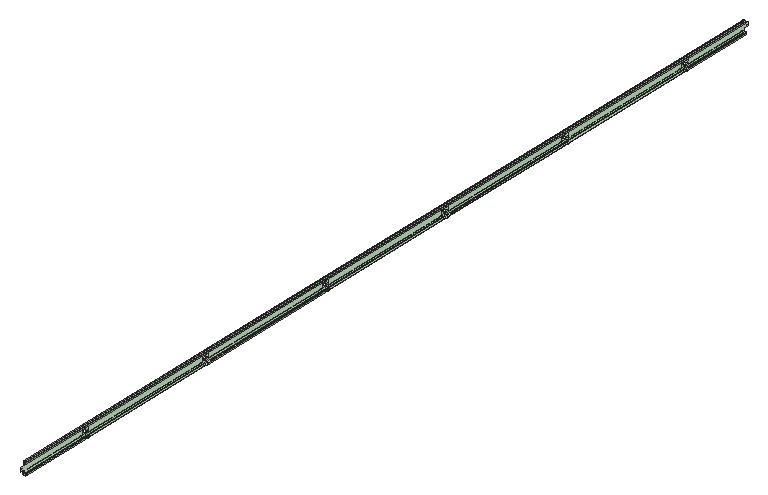
Revit family "eYバー4815メイン(600グリッド用)", category 機械設備, Revit 2020
Family settings
  丸型コネクタ寸法 = 直径を使用
  種別 = なし
  パーツ タイプ = 標準
  作業面ベース = いいえ
  常に垂直 = はい
  ロード時にボイドで切り取り = いいえ
  共有 = いいえ
  部屋計算ポイント = いいえ
Parameters
  製造元 = "株式会社桐井製作所"
  既定の高さ = 0 mm
  URL = "https://www.kirii.co.jp/"
  K_長さ(mm) = 3600 mm
  K_材質 = "溶融亜鉛めっき鋼板及び鋼帯SGCC 一般用　カラー鋼板"
  K_品名 = "eYバー4815メイン(600グリッド用)"
  K_名称 = "Yバー"
  K_入数 = "20"
  K_バージョン情報 = "20220411"
  K_めっき付着量 = "JIS G 3302 Z12、カラー鋼板　塗装膜厚20μ(白色)"
  K_JIS規格 = "JIS G 3302"
Reference planes
  plane 1 "中心(正面/背面)": y = 0
  plane 2: z = 0
  plane 3 "中心(左/右)": x = 0
  plane 4: y = 3600
Forms (mm)
  Extrusion 1, solid
    sketch origin (0, 0, 7.1) x (-1, 0, 0) y (0, 0, 1)
      loop
        arc (6.336, -7.1) -> (7.064, -6.785) -> (7.334, -6.038) r 1
        line (7.334, -6.038) -> (6.959, -0.038)
        arc (6.959, -0.038) -> (6.645, 0.629) -> (5.961, 0.9) r 1
        line (5.961, 0.9) -> (0.4, 0.9) -> (0.4, 31)
        arc (0.4, 31) -> (0.715, 31.465) -> (1.263, 31.343) r 0.5
        arc (1.263, 31.343) -> (1.627, 31.018) -> (2.1, 30.9) r 1.011
        arc (2.1, 30.9) -> (2.736, 31.164) -> (3, 31.8) r 0.9
        line (3, 31.8) -> (3, 39.9)
        arc (3, 39.9) -> (2.473, 40.781) -> (1.448, 40.734) r 1
        line (1.448, 40.734) -> (0, 39.782) -> (-1.448, 40.734)
        arc (-1.448, 40.734) -> (-2.473, 40.781) -> (-3, 39.9) r 1
        line (-3, 39.9) -> (-3, 31.8)
        arc (-3, 31.8) -> (-2.736, 31.164) -> (-2.1, 30.9) r 0.9
        arc (-2.1, 30.9) -> (-1.627, 31.018) -> (-1.263, 31.343) r 1.011
        arc (-1.263, 31.343) -> (-0.715, 31.465) -> (-0.4, 31) r 0.5
        line (-0.4, 31) -> (-0.4, 0.9) -> (-5.961, 0.9)
        arc (-5.961, 0.9) -> (-6.645, 0.629) -> (-6.959, -0.036) r 1
        line (-6.959, -0.036) -> (-7.334, -6.039)
        arc (-7.334, -6.039) -> (-7.064, -6.785) -> (-6.336, -7.1) r 1
        line (-6.336, -7.1) -> (-3.65, -7.1)
        arc (-3.65, -7.1) -> (-3.4, -6.85) -> (-3.65, -6.6) r 0.25
        line (-3.65, -6.6) -> (-6.336, -6.6)
        arc (-6.336, -6.6) -> (-6.7, -6.442) -> (-6.835, -6.069) r 0.5
        line (-6.835, -6.069) -> (-6.46, -0.069)
        arc (-6.46, -0.069) -> (-6.2, 0.339) -> (-5.718, 0.337) r 0.5
        arc (-5.718, 0.337) -> (-5.317, 0.087) -> (-4.852, 0) r 1.28
        line (-4.852, 0) -> (4.852, 0)
        arc (4.852, 0) -> (5.317, 0.087) -> (5.718, 0.337) r 1.28
        arc (5.718, 0.337) -> (6.2, 0.339) -> (6.46, -0.069) r 0.5
        line (6.46, -0.069) -> (6.835, -6.069)
        arc (6.835, -6.069) -> (6.7, -6.442) -> (6.336, -6.6) r 0.5
        line (6.336, -6.6) -> (3.65, -6.6)
        arc (3.65, -6.6) -> (3.4, -6.85) -> (3.65, -7.1) r 0.25
        line (3.65, -7.1) -> (6.336, -7.1)
      loop
        arc (-1.668, 40.4) -> (-2.283, 40.429) -> (-2.6, 39.9) r 0.6
        line (-2.6, 39.9) -> (-2.6, 31.8)
        arc (-2.6, 31.8) -> (-2.302, 31.342) -> (-1.763, 31.431) r 0.5
        line (-1.763, 31.431) -> (-1.063, 31.885)
        arc (-1.063, 31.885) -> (-0.324, 31.692) -> (0, 31) r 0.9
        arc (0, 31) -> (0.324, 31.692) -> (1.063, 31.885) r 0.9
        line (1.063, 31.885) -> (1.763, 31.431)
        arc (1.763, 31.431) -> (2.302, 31.342) -> (2.6, 31.8) r 0.5
        line (2.6, 31.8) -> (2.6, 39.9)
        arc (2.6, 39.9) -> (2.283, 40.429) -> (1.668, 40.4) r 0.6
        line (1.668, 40.4) -> (0.549, 39.664)
        arc (0.549, 39.664) -> (0, 39.5) -> (-0.549, 39.664) r 1
        line (-0.549, 39.664) -> (-1.668, 40.4)
    from 0 to 3600
  Extrusion 2, solid
    sketch origin (0.4, 0, 38.1) x (0, 0, -1) y (0, 1, 0)
      loop
        line (3.661, 0) -> (3.661, -19.4)
        arc (3.661, -19.4) -> (3.954, -20.107) -> (4.661, -20.4) r 1
        line (4.661, -20.4) -> (16.783, -20.4)
        arc (16.783, -20.4) -> (17.49, -20.107) -> (17.783, -19.4) r 1
        line (17.783, -19.4) -> (17.783, 0) -> (17.783, 21.201) -> (3.661, 21.201) -> (3.661, 0)
    from -0.8 to 0
  Extrusion 3, void
    sketch origin (0.4, 0, 38.1) x (0, 0, 1) y (0, 1, 0)
      loop
        line (-5.5, 284.4) -> (-5.5, 315.6) -> (-23.1, 315.6) -> (-23.1, 284.4) -> (-5.5, 284.4)
    from 0 to 0.8
  Extrusion 4, void
    sketch origin (0.4, 600, 38.1) x (0, 0, 1) y (0, 1, 0)
      loop
        line (-5.5, 284.4) -> (-5.5, 315.6) -> (-23.1, 315.6) -> (-23.1, 284.4) -> (-5.5, 284.4)
    from 0 to 0.8
  Extrusion 5, void
    sketch origin (0.4, 1200, 38.1) x (0, 0, 1) y (0, 1, 0)
      loop
        line (-5.5, 284.4) -> (-5.5, 315.6) -> (-23.1, 315.6) -> (-23.1, 284.4) -> (-5.5, 284.4)
    from 0 to 0.8
  Extrusion 6, void
    sketch origin (0.4, 1800, 38.1) x (0, 0, 1) y (0, 1, 0)
      loop
        line (-5.5, 284.4) -> (-5.5, 315.6) -> (-23.1, 315.6) -> (-23.1, 284.4) -> (-5.5, 284.4)
    from 0 to 0.8
  Extrusion 7, void
    sketch origin (0.4, 2400, 38.1) x (0, 0, 1) y (0, 1, 0)
      loop
        line (-5.5, 284.4) -> (-5.5, 315.6) -> (-23.1, 315.6) -> (-23.1, 284.4) -> (-5.5, 284.4)
    from 0 to 0.8
  Extrusion 8, void
    sketch origin (0.4, 3000, 38.1) x (0, 0, 1) y (0, 1, 0)
      loop
        line (-5.5, 284.4) -> (-5.5, 315.6) -> (-23.1, 315.6) -> (-23.1, 284.4) -> (-5.5, 284.4)
    from 0 to 0.8
  Extrusion 9, void
    sketch origin (0.4, 0, 38.413) x (0, 0, 1) y (0, 1, 0)
      loop
        line (-19.9, 284.4) -> (-8.7, 284.4)
        arc (-8.7, 284.4) -> (-14.3, 287.9) -> (-19.9, 284.4) r 6.23
      loop
        line (-8.7, 297.4) -> (-19.9, 297.4)
        arc (-19.9, 297.4) -> (-14.3, 293.9) -> (-8.7, 297.4) r 6.23
    from 1.2 to 3.447
  Extrusion 10, void
    sketch origin (0, 2.538, 0) x (1, 0, 0) y (0, 1, 0)
      loop
        line (8.021, 290.095) -> (8.021, 304.829) -> (3.318, 301.285) -> (3.318, 293.639) -> (8.021, 290.095)
    from 0 to 10
  Extrusion 11, void
    sketch origin (0, 2.538, 0) x (-1, 0, 0) y (0, -1, 0)
      loop
        line (8.021, -290.095) -> (3.318, -293.639) -> (3.318, -301.285) -> (8.021, -304.829) -> (8.021, -290.095)
    from 0 to 10
  Extrusion 12, void
    sketch origin (0, 1203.014, 0) x (1, 0, 0) y (0, 1, 0)
      loop
        line (8.021, 290.095) -> (8.021, 304.829) -> (3.318, 301.285) -> (3.318, 293.639) -> (8.021, 290.095)
    from 0 to 10
  Extrusion 13, void
    sketch origin (0, 2412.517, 0) x (-1, 0, 0) y (0, -1, 0)
      loop
        line (8.021, 1505.493) -> (8.021, 1520.226) -> (3.318, 1516.682) -> (3.318, 1509.037) -> (8.021, 1505.493)
    from 0 to 10
  Extrusion 14, void
    sketch origin (0, 3613.334, 0) x (-1, 0, 0) y (0, -1, 0)
      loop
        line (8.021, 1505.493) -> (8.021, 1520.226) -> (3.318, 1516.682) -> (3.318, 1509.037) -> (8.021, 1505.493)
    from 0 to 10
  Extrusion 15, void
    sketch origin (0, 4212.845, 0) x (-1, 0, 0) y (0, -1, 0)
      loop
        line (8.021, 1505.493) -> (8.021, 1520.226) -> (3.318, 1516.682) -> (3.318, 1509.037) -> (8.021, 1505.493)
    from 0 to 10
  Extrusion 16, void
    sketch origin (0, 4812.398, 0) x (-1, 0, 0) y (0, -1, 0)
      loop
        line (8.021, 1505.493) -> (8.021, 1520.226) -> (3.318, 1516.682) -> (3.318, 1509.037) -> (8.021, 1505.493)
    from 0 to 10
  Extrusion 17, void
    sketch origin (0, 602.195, 0) x (1, 0, 0) y (0, 1, 0)
      loop
        line (8.021, 290.095) -> (8.021, 304.829) -> (3.318, 301.285) -> (3.318, 293.639) -> (8.021, 290.095)
    from 0 to 10
  Extrusion 18, void
    sketch origin (0, 1803.012, 0) x (1, 0, 0) y (0, 1, 0)
      loop
        line (8.021, 290.095) -> (8.021, 304.829) -> (3.318, 301.285) -> (3.318, 293.639) -> (8.021, 290.095)
    from 0 to 10
  Extrusion 19, void
    sketch origin (0, 2402.523, 0) x (1, 0, 0) y (0, 1, 0)
      loop
        line (8.021, 290.095) -> (8.021, 304.829) -> (3.318, 301.285) -> (3.318, 293.639) -> (8.021, 290.095)
    from 0 to 10
  Extrusion 20, void
    sketch origin (0, 3002.077, 0) x (1, 0, 0) y (0, 1, 0)
      loop
        line (8.021, 290.095) -> (8.021, 304.829) -> (3.318, 301.285) -> (3.318, 293.639) -> (8.021, 290.095)
    from 0 to 10
  Extrusion 21, void
    sketch origin (0, 3013.335, 0) x (-1, 0, 0) y (0, -1, 0)
      loop
        line (8.021, 1505.493) -> (8.021, 1520.226) -> (3.318, 1516.682) -> (3.318, 1509.037) -> (8.021, 1505.493)
    from 0 to 10
  Extrusion 22, solid
    sketch origin (0.081, 0.008, -0.26) x (1, 0, 0) y (0, 0, 1)
      loop
        line (-0.387, 33.66) -> (-2.087, 33.66) -> (-2.087, 26.56)
        arc (-2.087, 26.56) -> (-3.087, 24.26) -> (-2.088, 21.96) r 3.145
        line (-2.088, 21.96) -> (-2.087, 14.46) -> (-0.387, 14.46) -> (-0.387, 15.26) -> (-1.487, 15.26) -> (-1.487, 22.238)
        arc (-1.487, 22.238) -> (-2.487, 24.267) -> (-1.476, 26.291) r 2.545
        line (-1.476, 26.291) -> (-1.476, 32.86) -> (-0.387, 32.86) -> (-0.387, 33.66)
    from -297.4 to -284.4
  Extrusion 23, void
    sketch origin (-0.4, 18.192, 38.413) x (0, 0, 1) y (0, -1, 0)
      loop
        arc (-19.9, -284.4) -> (-14.3, -287.9) -> (-8.7, -284.4) r 6.23
        line (-8.7, -284.4) -> (-19.9, -284.4)
      loop
        arc (-8.7, -297.4) -> (-14.3, -293.9) -> (-19.9, -297.4) r 6.23
        line (-19.9, -297.4) -> (-8.7, -297.4)
    from 1.2 to 3.447
  Extrusion 24, solid
    sketch origin (-0.081, 18.2, -0.26) x (-1, 0, 0) y (0, 0, -1)
      loop
        line (-0.387, -33.66) -> (-0.387, -32.86) -> (-1.476, -32.86) -> (-1.476, -26.291)
        arc (-1.476, -26.291) -> (-2.487, -24.267) -> (-1.487, -22.238) r 2.545
        line (-1.487, -22.238) -> (-1.487, -15.26) -> (-0.387, -15.26) -> (-0.387, -14.46) -> (-2.087, -14.46) -> (-2.088, -21.96)
        arc (-2.088, -21.96) -> (-3.087, -24.26) -> (-2.087, -26.56) r 3.145
        line (-2.087, -26.56) -> (-2.087, -33.66) -> (-0.387, -33.66)
    from -297.4 to -284.4
  Extrusion 25, void
    sketch origin (-0.4, 618.192, 38.412) x (0, 0, 1) y (0, -1, 0)
      loop
        arc (-19.9, -284.4) -> (-14.3, -287.9) -> (-8.7, -284.4) r 6.23
        line (-8.7, -284.4) -> (-19.9, -284.4)
      loop
        arc (-8.7, -297.4) -> (-14.3, -293.9) -> (-19.9, -297.4) r 6.23
        line (-19.9, -297.4) -> (-8.7, -297.4)
    from 1.2 to 3.447
  Extrusion 26, solid
    sketch origin (-0.081, 618.2, -0.26) x (-1, 0, 0) y (0, 0, -1)
      loop
        line (-0.387, -33.66) -> (-0.387, -32.86) -> (-1.476, -32.86) -> (-1.476, -26.291)
        arc (-1.476, -26.291) -> (-2.487, -24.267) -> (-1.487, -22.238) r 2.545
        line (-1.487, -22.238) -> (-1.487, -15.26) -> (-0.387, -15.26) -> (-0.387, -14.46) -> (-2.087, -14.46) -> (-2.088, -21.96)
        arc (-2.088, -21.96) -> (-3.087, -24.26) -> (-2.087, -26.56) r 3.145
        line (-2.087, -26.56) -> (-2.087, -33.66) -> (-0.387, -33.66)
    from -297.4 to -284.4
  Extrusion 27, void
    sketch origin (-0.4, 1218.192, 38.412) x (0, 0, 1) y (0, -1, 0)
      loop
        arc (-19.9, -284.4) -> (-14.3, -287.9) -> (-8.7, -284.4) r 6.23
        line (-8.7, -284.4) -> (-19.9, -284.4)
      loop
        arc (-8.7, -297.4) -> (-14.3, -293.9) -> (-19.9, -297.4) r 6.23
        line (-19.9, -297.4) -> (-8.7, -297.4)
    from 1.2 to 3.447
  Extrusion 28, solid
    sketch origin (-0.081, 1218.2, -0.26) x (-1, 0, 0) y (0, 0, -1)
      loop
        line (-0.387, -33.66) -> (-0.387, -32.86) -> (-1.476, -32.86) -> (-1.476, -26.291)
        arc (-1.476, -26.291) -> (-2.487, -24.267) -> (-1.487, -22.238) r 2.545
        line (-1.487, -22.238) -> (-1.487, -15.26) -> (-0.387, -15.26) -> (-0.387, -14.46) -> (-2.087, -14.46) -> (-2.088, -21.96)
        arc (-2.088, -21.96) -> (-3.087, -24.26) -> (-2.087, -26.56) r 3.145
        line (-2.087, -26.56) -> (-2.087, -33.66) -> (-0.387, -33.66)
    from -297.4 to -284.4
  Extrusion 29, void
    sketch origin (-0.4, 1818.192, 38.412) x (0, 0, 1) y (0, -1, 0)
      loop
        arc (-19.9, -284.4) -> (-14.3, -287.9) -> (-8.7, -284.4) r 6.23
        line (-8.7, -284.4) -> (-19.9, -284.4)
      loop
        arc (-8.7, -297.4) -> (-14.3, -293.9) -> (-19.9, -297.4) r 6.23
        line (-19.9, -297.4) -> (-8.7, -297.4)
    from 1.2 to 3.447
  Extrusion 30, solid
    sketch origin (-0.081, 1818.2, -0.26) x (-1, 0, 0) y (0, 0, -1)
      loop
        line (-0.387, -33.66) -> (-0.387, -32.86) -> (-1.476, -32.86) -> (-1.476, -26.291)
        arc (-1.476, -26.291) -> (-2.487, -24.267) -> (-1.487, -22.238) r 2.545
        line (-1.487, -22.238) -> (-1.487, -15.26) -> (-0.387, -15.26) -> (-0.387, -14.46) -> (-2.087, -14.46) -> (-2.088, -21.96)
        arc (-2.088, -21.96) -> (-3.087, -24.26) -> (-2.087, -26.56) r 3.145
        line (-2.087, -26.56) -> (-2.087, -33.66) -> (-0.387, -33.66)
    from -297.4 to -284.4
  Extrusion 31, void
    sketch origin (-0.4, 2418.192, 38.412) x (0, 0, 1) y (0, -1, 0)
      loop
        arc (-19.9, -284.4) -> (-14.3, -287.9) -> (-8.7, -284.4) r 6.23
        line (-8.7, -284.4) -> (-19.9, -284.4)
      loop
        arc (-8.7, -297.4) -> (-14.3, -293.9) -> (-19.9, -297.4) r 6.23
        line (-19.9, -297.4) -> (-8.7, -297.4)
    from 1.2 to 3.447
  Extrusion 32, solid
    sketch origin (-0.081, 2418.2, -0.26) x (-1, 0, 0) y (0, 0, -1)
      loop
        line (-0.387, -33.66) -> (-0.387, -32.86) -> (-1.476, -32.86) -> (-1.476, -26.291)
        arc (-1.476, -26.291) -> (-2.487, -24.267) -> (-1.487, -22.238) r 2.545
        line (-1.487, -22.238) -> (-1.487, -15.26) -> (-0.387, -15.26) -> (-0.387, -14.46) -> (-2.087, -14.46) -> (-2.088, -21.96)
        arc (-2.088, -21.96) -> (-3.087, -24.26) -> (-2.087, -26.56) r 3.145
        line (-2.087, -26.56) -> (-2.087, -33.66) -> (-0.387, -33.66)
    from -297.4 to -284.4
  Extrusion 33, void
    sketch origin (-0.4, 3018.192, 38.412) x (0, 0, 1) y (0, -1, 0)
      loop
        arc (-19.9, -284.4) -> (-14.3, -287.9) -> (-8.7, -284.4) r 6.23
        line (-8.7, -284.4) -> (-19.9, -284.4)
      loop
        arc (-8.7, -297.4) -> (-14.3, -293.9) -> (-19.9, -297.4) r 6.23
        line (-19.9, -297.4) -> (-8.7, -297.4)
    from 1.2 to 3.447
  Extrusion 34, solid
    sketch origin (-0.081, 3018.2, -0.26) x (-1, 0, 0) y (0, 0, -1)
      loop
        line (-0.387, -33.66) -> (-0.387, -32.86) -> (-1.476, -32.86) -> (-1.476, -26.291)
        arc (-1.476, -26.291) -> (-2.487, -24.267) -> (-1.487, -22.238) r 2.545
        line (-1.487, -22.238) -> (-1.487, -15.26) -> (-0.387, -15.26) -> (-0.387, -14.46) -> (-2.087, -14.46) -> (-2.088, -21.96)
        arc (-2.088, -21.96) -> (-3.087, -24.26) -> (-2.087, -26.56) r 3.145
        line (-2.087, -26.56) -> (-2.087, -33.66) -> (-0.387, -33.66)
    from -297.4 to -284.4
  Extrusion 35, void
    sketch origin (0.4, 599.992, 38.413) x (0, 0, 1) y (0, 1, 0)
      loop
        line (-19.9, 284.4) -> (-8.7, 284.4)
        arc (-8.7, 284.4) -> (-14.3, 287.9) -> (-19.9, 284.4) r 6.23
      loop
        line (-8.7, 297.4) -> (-19.9, 297.4)
        arc (-19.9, 297.4) -> (-14.3, 293.9) -> (-8.7, 297.4) r 6.23
    from 1.2 to 3.447
  Extrusion 36, solid
    sketch origin (0.081, 600, -0.26) x (1, 0, 0) y (0, 0, 1)
      loop
        line (-0.387, 33.66) -> (-2.087, 33.66) -> (-2.087, 26.56)
        arc (-2.087, 26.56) -> (-3.087, 24.26) -> (-2.088, 21.96) r 3.145
        line (-2.088, 21.96) -> (-2.087, 14.46) -> (-0.387, 14.46) -> (-0.387, 15.26) -> (-1.487, 15.26) -> (-1.487, 22.238)
        arc (-1.487, 22.238) -> (-2.487, 24.267) -> (-1.476, 26.291) r 2.545
        line (-1.476, 26.291) -> (-1.476, 32.86) -> (-0.387, 32.86) -> (-0.387, 33.66)
    from -297.4 to -284.4
  Extrusion 37, void
    sketch origin (0.4, 1199.992, 38.413) x (0, 0, 1) y (0, 1, 0)
      loop
        line (-19.9, 284.4) -> (-8.7, 284.4)
        arc (-8.7, 284.4) -> (-14.3, 287.9) -> (-19.9, 284.4) r 6.23
      loop
        line (-8.7, 297.4) -> (-19.9, 297.4)
        arc (-19.9, 297.4) -> (-14.3, 293.9) -> (-8.7, 297.4) r 6.23
    from 1.2 to 3.447
  Extrusion 38, solid
    sketch origin (0.081, 1200, -0.26) x (1, 0, 0) y (0, 0, 1)
      loop
        line (-0.387, 33.66) -> (-2.087, 33.66) -> (-2.087, 26.56)
        arc (-2.087, 26.56) -> (-3.087, 24.26) -> (-2.088, 21.96) r 3.145
        line (-2.088, 21.96) -> (-2.087, 14.46) -> (-0.387, 14.46) -> (-0.387, 15.26) -> (-1.487, 15.26) -> (-1.487, 22.238)
        arc (-1.487, 22.238) -> (-2.487, 24.267) -> (-1.476, 26.291) r 2.545
        line (-1.476, 26.291) -> (-1.476, 32.86) -> (-0.387, 32.86) -> (-0.387, 33.66)
    from -297.4 to -284.4
  Extrusion 39, void
    sketch origin (0.4, 1799.992, 38.413) x (0, 0, 1) y (0, 1, 0)
      loop
        line (-19.9, 284.4) -> (-8.7, 284.4)
        arc (-8.7, 284.4) -> (-14.3, 287.9) -> (-19.9, 284.4) r 6.23
      loop
        line (-8.7, 297.4) -> (-19.9, 297.4)
        arc (-19.9, 297.4) -> (-14.3, 293.9) -> (-8.7, 297.4) r 6.23
    from 1.2 to 3.447
  Extrusion 40, solid
    sketch origin (0.081, 1800, -0.26) x (1, 0, 0) y (0, 0, 1)
      loop
        line (-0.387, 33.66) -> (-2.087, 33.66) -> (-2.087, 26.56)
        arc (-2.087, 26.56) -> (-3.087, 24.26) -> (-2.088, 21.96) r 3.145
        line (-2.088, 21.96) -> (-2.087, 14.46) -> (-0.387, 14.46) -> (-0.387, 15.26) -> (-1.487, 15.26) -> (-1.487, 22.238)
        arc (-1.487, 22.238) -> (-2.487, 24.267) -> (-1.476, 26.291) r 2.545
        line (-1.476, 26.291) -> (-1.476, 32.86) -> (-0.387, 32.86) -> (-0.387, 33.66)
    from -297.4 to -284.4
  Extrusion 41, void
    sketch origin (0.4, 2399.992, 38.413) x (0, 0, 1) y (0, 1, 0)
      loop
        line (-19.9, 284.4) -> (-8.7, 284.4)
        arc (-8.7, 284.4) -> (-14.3, 287.9) -> (-19.9, 284.4) r 6.23
      loop
        line (-8.7, 297.4) -> (-19.9, 297.4)
        arc (-19.9, 297.4) -> (-14.3, 293.9) -> (-8.7, 297.4) r 6.23
    from 1.2 to 3.447
  Extrusion 42, solid
    sketch origin (0.081, 2400, -0.26) x (1, 0, 0) y (0, 0, 1)
      loop
        line (-0.387, 33.66) -> (-2.087, 33.66) -> (-2.087, 26.56)
        arc (-2.087, 26.56) -> (-3.087, 24.26) -> (-2.088, 21.96) r 3.145
        line (-2.088, 21.96) -> (-2.087, 14.46) -> (-0.387, 14.46) -> (-0.387, 15.26) -> (-1.487, 15.26) -> (-1.487, 22.238)
        arc (-1.487, 22.238) -> (-2.487, 24.267) -> (-1.476, 26.291) r 2.545
        line (-1.476, 26.291) -> (-1.476, 32.86) -> (-0.387, 32.86) -> (-0.387, 33.66)
    from -297.4 to -284.4
  Extrusion 43, void
    sketch origin (0.4, 2999.992, 38.413) x (0, 0, 1) y (0, 1, 0)
      loop
        line (-19.9, 284.4) -> (-8.7, 284.4)
        arc (-8.7, 284.4) -> (-14.3, 287.9) -> (-19.9, 284.4) r 6.23
      loop
        line (-8.7, 297.4) -> (-19.9, 297.4)
        arc (-19.9, 297.4) -> (-14.3, 293.9) -> (-8.7, 297.4) r 6.23
    from 1.2 to 3.447
  Extrusion 44, solid
    sketch origin (0.081, 3000, -0.26) x (1, 0, 0) y (0, 0, 1)
      loop
        line (-0.387, 33.66) -> (-2.087, 33.66) -> (-2.087, 26.56)
        arc (-2.087, 26.56) -> (-3.087, 24.26) -> (-2.088, 21.96) r 3.145
        line (-2.088, 21.96) -> (-2.087, 14.46) -> (-0.387, 14.46) -> (-0.387, 15.26) -> (-1.487, 15.26) -> (-1.487, 22.238)
        arc (-1.487, 22.238) -> (-2.487, 24.267) -> (-1.476, 26.291) r 2.545
        line (-1.476, 26.291) -> (-1.476, 32.86) -> (-0.387, 32.86) -> (-0.387, 33.66)
    from -297.4 to -284.4
  Extrusion 45, void
    sketch origin (0, 0, 0) x (0, 1, 0) y (0, 0, 1)
      loop
        line (-9.2, 28.314) -> (-16.4, 28.314) -> (-16.4, 23.514) -> (-9.2, 23.514) -> (-9.2, 28.314)
    from -0.4 to 0.4
  Extrusion 46, solid
    sketch origin (0.4, 3600, 38.1) x (0, 0, -1) y (0, 1, 0)
      loop
        line (3.661, 0) -> (3.661, -21.201) -> (17.783, -21.201) -> (17.783, 0) -> (17.783, 19.4)
        arc (17.783, 19.4) -> (17.49, 20.107) -> (16.783, 20.4) r 1
        line (16.783, 20.4) -> (4.661, 20.4)
        arc (4.661, 20.4) -> (3.954, 20.107) -> (3.661, 19.4) r 1
        line (3.661, 19.4) -> (3.661, 0)
    from -0.8 to 0
  Extrusion 47, void
    sketch origin (0, 3600, 0) x (0, -1, 0) y (0, 0, -1)
      loop
        line (-9.2, -28.314) -> (-9.2, -23.514) -> (-16.4, -23.514) -> (-16.4, -28.314) -> (-9.2, -28.314)
    from -0.4 to 0.4
Cuts and joins
  Extrusion 3, Extrusion 4, Extrusion 5, Extrusion 6, Extrusion 7, Extrusion 8, Extrusion 9, Extrusion 10, Extrusion 11, Extrusion 12, Extrusion 13, Extrusion 14, Extrusion 15, Extrusion 16, Extrusion 17, Extrusion 18, Extrusion 19, Extrusion 20, Extrusion 21, Extrusion 45, Extrusion 47 cuts Extrusion 1
  Extrusion 3, Extrusion 4, Extrusion 5, Extrusion 6, Extrusion 7, Extrusion 8, Extrusion 9, Extrusion 10, Extrusion 11, Extrusion 13, Extrusion 14, Extrusion 15, Extrusion 16, Extrusion 18, Extrusion 20, Extrusion 45, Extrusion 47 cuts Extrusion 2
  Extrusion 9, Extrusion 45, Extrusion 47 cuts Extrusion 22
  Extrusion 23, Extrusion 45, Extrusion 47 cuts Extrusion 24
  Extrusion 27, Extrusion 45, Extrusion 47 cuts Extrusion 28
  Extrusion 29, Extrusion 45, Extrusion 47 cuts Extrusion 30
  Extrusion 31, Extrusion 45, Extrusion 47 cuts Extrusion 32
  Extrusion 33, Extrusion 45, Extrusion 47 cuts Extrusion 34
  Extrusion 37, Extrusion 45, Extrusion 47 cuts Extrusion 38
  Extrusion 39, Extrusion 45, Extrusion 47 cuts Extrusion 40
  Extrusion 41, Extrusion 45, Extrusion 47 cuts Extrusion 42
  Extrusion 43, Extrusion 45, Extrusion 47 cuts Extrusion 44
  Extrusion 47 cuts Extrusion 46
  joined: Extrusion 1, Extrusion 2, Extrusion 22, Extrusion 24, Extrusion 28, Extrusion 30, Extrusion 32, Extrusion 34, Extrusion 38, Extrusion 40, Extrusion 42, Extrusion 44, Extrusion 46
  Extrusion 25 cuts Extrusion 26
  Extrusion 35 cuts Extrusion 36
Dimensions and locks
  plane 4 to plane 1 "中心(正面/背面)" = 3600 mm
  aligned and locked: level to plane 2
  aligned and locked: plane 4 to Extrusion 1
